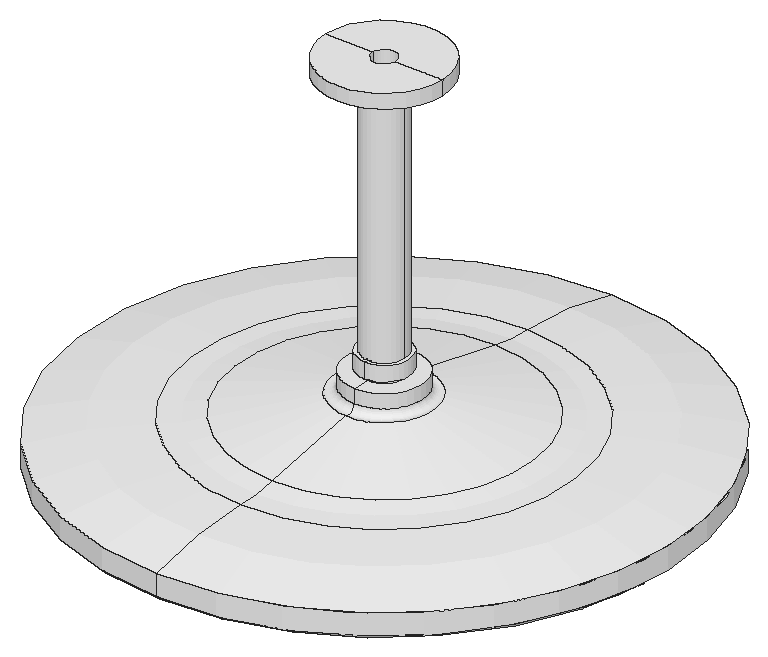
Revit family "Shower_Head-GROHE-26569_Series", category Plumbing Fixtures, Revit 2018
Family settings
  Round Connector Dimension = Use Diameter
  Part Type = Normal
  OmniClass Number = 23.45.05.14.17
  OmniClass Title = Showers
  Work Plane-Based = Yes
  Always vertical = No
  Cut with Voids When Loaded = No
  Shared = Yes
  Room Calculation Point = No
Parameters (values of type "26569000")
  Width = 12 3/16"  # constant formula
  Water Connection Radius = 1/4"  # constant formula
  Water Connection Diameter = 1/2"  # constant formula
  Waste Connection = no
  Warranty Information = "One Year General Product Warranty"  # constant formula
  WFU = 4  # constant formula
  Vent Connection = no
  URL = "https://www.americanstandard-us.com/"
  Showerhead Specification = "Grohe 26569GN0 Rainshower™ Mono 310 Shower Head - 1 Spray. GROHE StarLight. GROHE DreamSpray®. 12\" Face, Recommended Rainshower™ arm: (28 540). 1.75gpm Chrome"
  Revised Date = "05/03/2021"  # constant formula
  Product Page URL = "https://www.grohe.us/Rain-Shower-Heads/310-Mono-Shower-Head-12-Inch-1-Spray-175-gpm/GROHE-CHROME-26569000"
  Product Documentation Link = "https://americanstandard.box.com/shared/static/mak3mz7ka0vnq3yxwkfevrxo5hijf68c.pdf"
  Price = "Prices may vary. Please consult Manufacturer Representative for most up-to-date price list."  # constant formula
  Model = "26569000"
  Material = "Metal-Grohe-000-Starlight  Chrome"
  Manufacturer = "American Standard"  # constant formula
  Length = 12 3/16"  # constant formula
  Installation Type = "Ceiling Mounted"  # constant formula
  Height = 7 3/4"  # constant formula
  HWFU = 3  # constant formula
  HW Connection = yes
  Finish = Metal-Grohe-000-Starlight  Chrome
  Description = "3\" Ceiling Mount Shower Arm"
  Default Elevation = 0"
  Creation Date = "01/25/2018"  # constant formula
  CWFU = 3  # constant formula
  CW Connection = yes
  Assembly Code = "D2010710"
Types (6): name | Showerhead Specification | Product Page URL | Product Documentation Link | Model | Material | Finish
  (no name) | "Grohe 26569GN0 Rainshower™ Mono 310 Shower Head - 1 Spray. GROHE StarLight. GROHE DreamSpray®. 12\" Face, Recommended Rainshower™ arm: (28 540). 1.75gpm Chrome" | "https://www.grohe.us/Rain-Shower-Heads/310-Mono-Shower-Head-12-Inch-1-Spray-175-gpm/GROHE-CHROME-26569000" | "https://americanstandard.box.com/shared/static/mak3mz7ka0vnq3yxwkfevrxo5hijf68c.pdf" | "26569000" | "Metal-Grohe-000-Starlight  Chrome" | Metal-Grohe-000-Starlight  Chrome
  26569GN0 | "Grohe 26569GN0 Rainshower™ Mono 310 Shower Head - 1 Spray. GROHE StarLight. GROHE DreamSpray®. 12\" Face, Recommended Rainshower™ arm: (28 540). 1.75gpm Brushed cool sunrise" | "https://www.grohe.us/Rain-Shower-Heads/310-Mono-Shower-Head-12-Inch-1-Spray-175-gpm/GROHE-BRUSHED-COOL-SUNRISE-26569GN0" | "https://americanstandard.box.com/shared/static/cze34oirrck6ime956giof8ka9duu0gf.pdf" | "26569GN0" | "Metal-Grohe-GN0-Brushed Cool Sunrise" | Metal-Grohe-GN0-Brushed Cool Sunrise
  26569EN0 | "Grohe 26569GN0 Rainshower™ Mono 310 Shower Head - 1 Spray. GROHE StarLight. GROHE DreamSpray®. 12\" Face, Recommended Rainshower™ arm: (28 540). 1.75gpm Brushed Nickel Infinity Finish" | "https://www.grohe.us/Rain-Shower-Heads/310-Mono-Shower-Head-12-Inch-1-Spray-175-gpm/GROHE-BRUSHED-NICKEL-26569EN0" | "https://americanstandard.box.com/shared/static/v1f5wsep2dbwyd8wzzcpvq542p16m5u0.pdf" | "26569EN0" | "Metal-Grohe-EN0-Brushed Nickel Infinity Finish" | Metal-Grohe-EN0-Brushed Nickel Infinity Finish
  26569000 | "Grohe 26569GN0 Rainshower™ Mono 310 Shower Head - 1 Spray. GROHE StarLight. GROHE DreamSpray®. 12\" Face, Recommended Rainshower™ arm: (28 540). 1.75gpm Chrome" | "https://www.grohe.us/Rain-Shower-Heads/310-Mono-Shower-Head-12-Inch-1-Spray-175-gpm/GROHE-CHROME-26569000" | "https://americanstandard.box.com/shared/static/mak3mz7ka0vnq3yxwkfevrxo5hijf68c.pdf" | "26569000" | "Metal-Grohe-000-Starlight  Chrome" | Metal-Grohe-000-Starlight  Chrome
  26569A00 | "Grohe 26569GN0 Rainshower™ Mono 310 Shower Head - 1 Spray. GROHE StarLight. GROHE DreamSpray®. 12\" Face, Recommended Rainshower™ arm: (28 540). 1.75gpm Hard Graphite" | "https://www.grohe.us/Rain-Shower-Heads/310-Mono-Shower-Head-12-Inch-1-Spray-175-gpm/GROHE-HARD-GRAPHITE-26569A00" | "https://americanstandard.box.com/shared/static/mj6u31worzn4llrezwapkw1jj1uav4fr.pdf" | "26569A00" | "Metal-Grohe-A00-Hard Graphite" | Metal-Grohe-A00-Hard Graphite
  26569BE0 | "Grohe 26569GN0 Rainshower™ Mono 310 Shower Head - 1 Spray. GROHE StarLight. GROHE DreamSpray®. 12\" Face, Recommended Rainshower™ arm: (28 540). 1.75gpm Brushed Nickel" | "https://www.grohe.us/Rain-Shower-Heads/310-Mono-Shower-Head-12-Inch-1-Spray-175-gpm/GROHE-POLISHED-NICKEL-26569BE0" | "https://americanstandard.box.com/shared/static/9azkz241w2m7i4filagt1izt4oor5izy.pdf" | "26569BE0" | "Metal-Grohe-BE0-Brushed Nickel Infinity Finish" | Metal-Grohe-BE0-Brushed Nickel Infinity Finish
Reference planes (in)
  plane 1 "Center (Front/Back)": y = 0
  plane 2: z = 0
  plane 3 "Center (Left/Right)": x = 0
  plane 4: x = 1.25
  plane 5: x = -1.25
  plane 6: x = 0.25
  plane 7: x = -0.25
  plane 8: x = 0.4375
  plane 9: x = -0.4375
  plane 10: z = -2.5
  plane 11: z = -4.46373
  plane 12: y = 6.09375
  plane 13: y = -6.09375
  plane 14: x = 6.09375
  plane 15: x = -6.09375
  plane 16: z = -2.33873
  plane 17: z = -7.75
  plane 18: z = -5.625
Forms (in)
  Revolve 1, solid, material "Metal-Grohe-000-Starlight  Chrome" <- "Finish"
    sketch origin (0, 0, 0) x (1, 0, 0) y (0, 0, 1)
      loop
        line (0.25, 0) -> (0.25, -6.125) -> (0.4375, -6.125)
        arc (0.4375, -6.125) -> (0.3875, -6.075) -> (0.4375, -6.025) r 0.05
        arc (0.4375, -6.025) -> (0.3875, -5.975) -> (0.4375, -5.925) r 0.05
        arc (0.4375, -5.925) -> (0.3875, -5.875) -> (0.4375, -5.825) r 0.05
        arc (0.4375, -5.825) -> (0.3875, -5.775) -> (0.4375, -5.725) r 0.05
        arc (0.4375, -5.725) -> (0.3875, -5.675) -> (0.4375, -5.625) r 0.05
        line (0.4375, -5.625) -> (0.4375, -0.3) -> (1.25, -0.3) -> (1.25, 0) -> (0.25, 0)
      axis (0, 0) -> (0, -6.125)
    angle from 0 to 360
  Extrusion 2, solid, material "Metal-Grohe-000-Starlight  Chrome"
    sketch origin (0, -25, 0) x (1, 0, 0) y (0, 1, 0)
      loop
        circle (0, 30.58304) r 0.09677
      loop
        circle (0, 29.755) r 0.09677
      loop
        circle (0, 28.91573) r 0.09677
      loop
        circle (0, 28.08454) r 0.09677
      loop
        circle (0, 27.31084) r 0.09677
      loop
        circle (0, 26.5497) r 0.09677
      loop
        circle (0, 25.81226) r 0.09677
      loop
        circle (0, 19.48864) r 0.09677
      loop
        circle (0, 20.31668) r 0.09677
      loop
        circle (0, 21.15595) r 0.09677
      loop
        circle (0, 21.98715) r 0.09677
      loop
        circle (0, 22.76084) r 0.09677
      loop
        circle (0, 23.52198) r 0.09677
      loop
        circle (0, 24.25943) r 0.09677
      loop
        circle (-5.5472, 25.03584) r 0.09677
      loop
        circle (-4.71916, 25.03584) r 0.09677
      loop
        circle (-3.87989, 25.03584) r 0.09677
      loop
        circle (-3.0487, 25.03584) r 0.09677
      loop
        circle (-2.275, 25.03584) r 0.09677
      loop
        circle (-1.51386, 25.03584) r 0.09677
      loop
        circle (-0.77641, 25.03584) r 0.09677
      loop
        circle (5.5472, 25.03584) r 0.09677
      loop
        circle (4.71916, 25.03584) r 0.09677
      loop
        circle (3.87989, 25.03584) r 0.09677
      loop
        circle (3.0487, 25.03584) r 0.09677
      loop
        circle (2.275, 25.03584) r 0.09677
      loop
        circle (1.51386, 25.03584) r 0.09677
      loop
        circle (0.77641, 25.03584) r 0.09677
      loop
        circle (-3.92246, 21.11338) r 0.09677
      loop
        circle (-3.33695, 21.69889) r 0.09677
      loop
        circle (-2.7435, 22.29234) r 0.09677
      loop
        circle (-2.15575, 22.88009) r 0.09677
      loop
        circle (-1.60867, 23.42717) r 0.09677
      loop
        circle (-1.07046, 23.96538) r 0.09677
      loop
        circle (-0.54901, 24.48683) r 0.09677
      loop
        circle (3.92246, 28.9583) r 0.09677
      loop
        circle (3.33695, 28.37279) r 0.09677
      loop
        circle (2.7435, 27.77934) r 0.09677
      loop
        circle (2.15575, 27.1916) r 0.09677
      loop
        circle (1.60867, 26.64451) r 0.09677
      loop
        circle (1.07046, 26.1063) r 0.09677
      loop
        circle (0.54901, 25.58485) r 0.09677
      loop
        circle (3.92246, 21.11338) r 0.09677
      loop
        circle (3.33695, 21.69889) r 0.09677
      loop
        circle (2.7435, 22.29234) r 0.09677
      loop
        circle (2.15575, 22.88009) r 0.09677
      loop
        circle (1.60867, 23.42717) r 0.09677
      loop
        circle (1.07046, 23.96538) r 0.09677
      loop
        circle (0.54901, 24.48683) r 0.09677
      loop
        circle (-3.92246, 28.9583) r 0.09677
      loop
        circle (-3.33695, 28.37279) r 0.09677
      loop
        circle (-2.7435, 27.77934) r 0.09677
      loop
        circle (-2.15575, 27.1916) r 0.09677
      loop
        circle (-1.60867, 26.64451) r 0.09677
      loop
        circle (-1.07046, 26.1063) r 0.09677
      loop
        circle (-0.54901, 25.58485) r 0.09677
      loop
        circle (1.08142, 30.48843) r 0.09677
      loop
        circle (0.92199, 29.66825) r 0.09677
      loop
        circle (-1.08142, 30.48843) r 0.09677
      loop
        circle (-0.92199, 29.66825) r 0.09677
      loop
        circle (1.08142, 19.58326) r 0.09677
      loop
        circle (0.92199, 20.40343) r 0.09677
      loop
        circle (-1.08142, 19.58326) r 0.09677
      loop
        circle (-0.92199, 20.40343) r 0.09677
      loop
        circle (-5.45259, 26.11726) r 0.09677
      loop
        circle (-4.63241, 25.95783) r 0.09677
      loop
        circle (-5.45259, 23.95442) r 0.09677
      loop
        circle (-4.63241, 24.11385) r 0.09677
      loop
        circle (5.45259, 26.11726) r 0.09677
      loop
        circle (4.63241, 25.95783) r 0.09677
      loop
        circle (5.45259, 23.95442) r 0.09677
      loop
        circle (4.63241, 24.11385) r 0.09677
      loop
        circle (2.62373, 28.95552) r 0.09677
      loop
        circle (3.08176, 29.64488) r 0.09677
      loop
        circle (4.6073, 28.11933) r 0.09677
      loop
        circle (3.91418, 27.65181) r 0.09677
      loop
        circle (-3.06802, 29.64516) r 0.09677
      loop
        circle (-2.60791, 28.95521) r 0.09677
      loop
        circle (-3.91023, 27.65289) r 0.09677
      loop
        circle (-4.60491, 28.12146) r 0.09677
      loop
        circle (-3.91008, 22.42273) r 0.09677
      loop
        circle (-4.60187, 21.95356) r 0.09677
      loop
        circle (-3.07763, 20.42932) r 0.09677
      loop
        circle (-2.6102, 21.12419) r 0.09677
      loop
        circle (1.80468, 20.69242) r 0.09677
      loop
        circle (2.11579, 19.92238) r 0.09677
      loop
        circle (3.08315, 20.43674) r 0.09677
      loop
        circle (2.60478, 21.11992) r 0.09677
      loop
        circle (3.9104, 22.42555) r 0.09677
      loop
        circle (4.60406, 21.95945) r 0.09677
      loop
        circle (-2.13436, 30.14631) r 0.09677
      loop
        circle (-1.81075, 29.38393) r 0.09677
      loop
        circle (-1.48296, 28.61172) r 0.09677
      loop
        circle (-1.16204, 27.85567) r 0.09677
      loop
        circle (-0.87427, 27.1509) r 0.09677
      loop
        circle (2.13436, 30.14631) r 0.09677
      loop
        circle (1.81075, 29.38393) r 0.09677
      loop
        circle (1.48296, 28.61172) r 0.09677
      loop
        circle (1.16204, 27.85567) r 0.09677
      loop
        circle (0.87427, 27.1509) r 0.09677
      loop
        circle (-2.13436, 19.92538) r 0.09677
      loop
        circle (-1.81075, 20.68775) r 0.09677
      loop
        circle (-1.48296, 21.45997) r 0.09677
      loop
        circle (-1.16204, 22.21601) r 0.09677
      loop
        circle (-0.87427, 22.92078) r 0.09677
      loop
        circle (1.48296, 21.45997) r 0.09677
      loop
        circle (1.16204, 22.21601) r 0.09677
      loop
        circle (0.87427, 22.92078) r 0.09677
      loop
        circle (-2.09445, 25.90415) r 0.09677
      loop
        circle (-2.80954, 26.20768) r 0.09677
      loop
        circle (-3.579, 26.51857) r 0.09677
      loop
        circle (-4.34888, 26.84536) r 0.09677
      loop
        circle (-5.11722, 27.1715) r 0.09677
      loop
        circle (2.10757, 25.91301) r 0.09677
      loop
        circle (2.82362, 26.20232) r 0.09677
      loop
        circle (3.5842, 26.52516) r 0.09677
      loop
        circle (4.34955, 26.8422) r 0.09677
      loop
        circle (5.12265, 27.15923) r 0.09677
      loop
        circle (-2.09445, 24.16753) r 0.09677
      loop
        circle (-2.80954, 23.864) r 0.09677
      loop
        circle (-3.579, 23.55312) r 0.09677
      loop
        circle (-4.34888, 23.22632) r 0.09677
      loop
        circle (-5.11722, 22.90018) r 0.09677
      loop
        circle (2.10757, 24.15867) r 0.09677
      loop
        circle (2.82362, 23.86937) r 0.09677
      loop
        circle (3.5842, 23.54652) r 0.09677
      loop
        circle (4.34955, 23.22949) r 0.09677
      loop
        circle (5.12265, 22.91245) r 0.09677
    from -7.82159 to -7.68602
  Revolve 3, solid, material "Metal-Grohe-000-Starlight  Chrome" <- "Finish"
    sketch origin (0, 14.9375, -3.72377) x (0, 0, 1) y (0, -1, 0)
      loop
        line (-1.90123, 14.9375) -> (-4.02623, 14.9375) -> (-4.02623, 8.92) -> (-3.96225, 8.84375) -> (-3.51298, 8.84375)
        arc (-3.51298, 8.84375) -> (-3.2647, 9.96492) -> (-3.19232, 11.11096) r 7.42319
        arc (-3.19232, 11.11096) -> (-3.17262, 11.53928) -> (-3.10077, 11.96199) r 3.50489
        arc (-3.10077, 11.96199) -> (-2.86134, 12.92595) -> (-2.70782, 13.90726) r 11.25805
        arc (-2.70782, 13.90726) -> (-2.70364, 14.06069) -> (-2.57002, 14.13623) r 0.15594
        line (-2.57002, 14.13623) -> (-2.28106, 14.13623) -> (-2.28106, 14.49228) -> (-2.21719, 14.49228) -> (-2.21719, 14.41602) -> (-1.90123, 14.41602) -> (-1.90123, 14.9375)
      axis (-1.90123, 14.9375) -> (-4.02623, 14.9375)
    angle from 0 to 360
Lines and regions (in)
  Masking region 1
    outline origin (0, 0, 0) x (1, 0, 0) y (0, 1, 0)
      loop
        circle (0, 0) r 6.09375
  symbolic lines, detail levels medium+fine
    curve 1: circle (0, 0, 0) r 2.97551 normal (0, 0, -1)
  symbolic lines, detail levels fine
    curve 2: circle (0, 0, 0) r 1.25 normal (0, 0, 1)
    curve 3: circle (0, 0, 0) r 0.25 normal (0, 0, 1)
Dimensions and locks (in)
  plane 12 to plane 13 = 12 3/16"
  "Height": plane 17 to level
  "Width": plane 15 to plane 14
  "Length": plane 13 to plane 12
  aligned and locked: curve 1 to Revolve 3
  aligned and locked: curve 2 to Revolve 1
  aligned and locked: curve 3 to Revolve 1
Automatic sketch dimensions
  Revolve 1 sketch curve to plane 3 "Center (Left/Right)" = 0"
  Revolve 1 sketch curve to level = 0"
  Revolve 1 sketch curve to plane 6 = 0"
  Revolve 1 sketch curve to plane 8 = 0"  (x5)
  Revolve 1 sketch curve to plane 4 = 0"
  Revolve 1 sketch curve to plane 18 = 0"
  Revolve 1 sketch curve to plane 18 = 0.05"
  Revolve 1 sketch curve to Revolve 1 sketch curve = 0.05"  (x2)
  Revolve 1 sketch curve to Revolve 1 sketch curve = 0.1"  (x3)
  Revolve 1 sketch curve to level = 0.3"
  Revolve 1 sketch curve to Revolve 1 sketch curve = 0"  (x3)
  level to Revolve 1 sketch curve = 0.33886"
  Revolve 1 sketch curve to Revolve 1 sketch curve = 0.41114"
  Extrusion 2 sketch curve to plane 3 "Center (Left/Right)" = 0"  (x14)
  Extrusion 2 sketch curve to plane 9 = 0.11151"  (x2)
  Extrusion 2 sketch curve to plane 1 "Center (Front/Back)" = 0.03584"  (x14)
  Extrusion 2 sketch curve to plane 9 = 0.33891"
  plane 5 to Extrusion 2 sketch curve = 0.37573"  (x2)
  plane 5 to Extrusion 2 sketch curve = 0.32801"  (x2)
  plane 5 to Extrusion 2 sketch curve = 0.17954"  (x2)
  plane 5 to Extrusion 2 sketch curve = 0.16858"  (x2)
  plane 5 to Extrusion 2 sketch curve = 0.08796"  (x2)
  Extrusion 2 sketch curve to plane 5 = 0.23296"  (x2)
  Extrusion 2 sketch curve to plane 5 = 0.26386"
  Extrusion 2 sketch curve to plane 5 = 0.35867"  (x2)
  Extrusion 2 sketch curve to plane 5 = 0.56075"  (x2)
  Extrusion 2 sketch curve to plane 5 = 0.84445"  (x2)
  Extrusion 2 sketch curve to Extrusion 2 sketch curve = 0.32361"  (x3)
  Extrusion 2 sketch curve to Extrusion 2 sketch curve = 0.54709"  (x8)
  Extrusion 2 sketch curve to Extrusion 2 sketch curve = 0.76114"  (x4)
  Extrusion 2 sketch curve to Extrusion 2 sketch curve = 0.79717"
  Extrusion 2 sketch curve to Extrusion 2 sketch curve = 0.79945"
  Extrusion 2 sketch curve to Extrusion 2 sketch curve = 0.58774"  (x8)
  Extrusion 2 sketch curve to Extrusion 2 sketch curve = 0.71509"  (x2)
  Extrusion 2 sketch curve to Extrusion 2 sketch curve = 0.7737"  (x4)
  Extrusion 2 sketch curve to Extrusion 2 sketch curve = 0.46011"
  Extrusion 2 sketch curve to Extrusion 2 sketch curve = 0.46743"
  Extrusion 2 sketch curve to Extrusion 2 sketch curve = 0.59345"  (x8)
  Extrusion 2 sketch curve to Extrusion 2 sketch curve = 0.76946"  (x2)
  Extrusion 2 sketch curve to Extrusion 2 sketch curve = 0.8312"  (x4)
  Extrusion 2 sketch curve to Extrusion 2 sketch curve = 0.57313"
  Extrusion 2 sketch curve to Extrusion 2 sketch curve = 0.57328"
  Extrusion 2 sketch curve to Extrusion 2 sketch curve = 0.58551"  (x8)
  Extrusion 2 sketch curve to Extrusion 2 sketch curve = 0.76988"  (x2)
  Extrusion 2 sketch curve to Extrusion 2 sketch curve = 0.6918"
  Extrusion 2 sketch curve to Extrusion 2 sketch curve = 0.69468"
  Extrusion 2 sketch curve to Extrusion 2 sketch curve = 0.28353"  (x2)
  Extrusion 2 sketch curve to Extrusion 2 sketch curve = 0.83927"  (x4)
  Extrusion 2 sketch curve to Extrusion 2 sketch curve = 0.76834"  (x2)
  plane 15 to Extrusion 2 sketch curve = 0.64116"  (x2)
  plane 15 to Extrusion 2 sketch curve = 0.54655"
  plane 8 to Extrusion 2 sketch curve = 0.11151"  (x2)
  plane 8 to Extrusion 2 sketch curve = 0.33891"
  Extrusion 2 sketch curve to plane 4 = 0.37573"  (x2)
  Extrusion 2 sketch curve to plane 4 = 0.32801"  (x2)
  Extrusion 2 sketch curve to plane 4 = 0.17954"  (x2)
  Extrusion 2 sketch curve to plane 4 = 0.16858"  (x2)
  Extrusion 2 sketch curve to plane 4 = 0.08796"  (x2)
  plane 4 to Extrusion 2 sketch curve = 0.23296"  (x2)
  plane 4 to Extrusion 2 sketch curve = 0.26386"
  plane 4 to Extrusion 2 sketch curve = 0.35867"  (x2)
  plane 4 to Extrusion 2 sketch curve = 71/128"
  plane 4 to Extrusion 2 sketch curve = 0.56075"
  plane 4 to Extrusion 2 sketch curve = 0.85757"  (x2)
  Extrusion 2 sketch curve to Extrusion 2 sketch curve = 0.31112"
  Extrusion 2 sketch curve to Extrusion 2 sketch curve = 0.8001"
  Extrusion 2 sketch curve to Extrusion 2 sketch curve = 0.81298"
  Extrusion 2 sketch curve to Extrusion 2 sketch curve = 0.71605"  (x2)
  Extrusion 2 sketch curve to Extrusion 2 sketch curve = 0.45802"
  Extrusion 2 sketch curve to Extrusion 2 sketch curve = 0.47837"
  Extrusion 2 sketch curve to Extrusion 2 sketch curve = 0.76058"  (x2)
  Extrusion 2 sketch curve to Extrusion 2 sketch curve = 0.57345"
  Extrusion 2 sketch curve to Extrusion 2 sketch curve = 0.57723"
  Extrusion 2 sketch curve to Extrusion 2 sketch curve = 0.76535"  (x2)
  Extrusion 2 sketch curve to Extrusion 2 sketch curve = 0.69366"
  Extrusion 2 sketch curve to Extrusion 2 sketch curve = 0.69313"
  Extrusion 2 sketch curve to Extrusion 2 sketch curve = 0.28287"  (x2)
  Extrusion 2 sketch curve to Extrusion 2 sketch curve = 0.77311"  (x2)
  Extrusion 2 sketch curve to plane 14 = 0.64116"  (x2)
  Extrusion 2 sketch curve to plane 14 = 0.54655"
  plane 1 "Center (Front/Back)" to Extrusion 2 sketch curve = 0.51317"  (x2)
  Extrusion 2 sketch curve to Extrusion 2 sketch curve = 0.22741"  (x2)
  plane 1 "Center (Front/Back)" to Extrusion 2 sketch curve = 0.83247"
  plane 1 "Center (Front/Back)" to Extrusion 2 sketch curve = 0.84133"
  plane 1 "Center (Front/Back)" to Extrusion 2 sketch curve = 0.88615"  (x2)
  Extrusion 2 sketch curve to Extrusion 2 sketch curve = 0.52145"  (x4)
  Extrusion 2 sketch curve to Extrusion 2 sketch curve = 0.15943"  (x4)
  Extrusion 2 sketch curve to Extrusion 2 sketch curve = 0.2893"  (x2)
  Extrusion 2 sketch curve to Extrusion 2 sketch curve = 0.30354"  (x2)
  Extrusion 2 sketch curve to Extrusion 2 sketch curve = 0.31088"  (x2)
  Extrusion 2 sketch curve to Extrusion 2 sketch curve = 0.32285"  (x2)
  Extrusion 2 sketch curve to Extrusion 2 sketch curve = 0.73745"  (x2)
  Extrusion 2 sketch curve to Extrusion 2 sketch curve = 0.53821"  (x4)
  Extrusion 2 sketch curve to Extrusion 2 sketch curve = 0.31703"  (x4)
  Extrusion 2 sketch curve to Extrusion 2 sketch curve = 0.3268"  (x2)
  Extrusion 2 sketch curve to Extrusion 2 sketch curve = 0.50639"  (x4)
  Extrusion 2 sketch curve to Extrusion 2 sketch curve = 0.32614"  (x2)
  Extrusion 2 sketch curve to Extrusion 2 sketch curve = 0.80394"
  Extrusion 2 sketch curve to Extrusion 2 sketch curve = 0.80359"
  Extrusion 2 sketch curve to Extrusion 2 sketch curve = 0.70477"  (x4)
  Extrusion 2 sketch curve to Extrusion 2 sketch curve = 0.46609"
  Extrusion 2 sketch curve to Extrusion 2 sketch curve = 0.46917"
  Extrusion 2 sketch curve to Extrusion 2 sketch curve = 0.75605"  (x4)
  Extrusion 2 sketch curve to Extrusion 2 sketch curve = 0.5747"
  Extrusion 2 sketch curve to Extrusion 2 sketch curve = 0.57897"
  Extrusion 2 sketch curve to Extrusion 2 sketch curve = 0.76754"
  Extrusion 2 sketch curve to Extrusion 2 sketch curve = 0.77221"  (x3)
  Extrusion 2 sketch curve to Extrusion 2 sketch curve = 0.68318"
  Extrusion 2 sketch curve to Extrusion 2 sketch curve = 0.69488"
  Extrusion 2 sketch curve to Extrusion 2 sketch curve = 0.28432"  (x3)
  Extrusion 2 sketch curve to Extrusion 2 sketch curve = 0.28899"
  Extrusion 2 sketch curve to Extrusion 2 sketch curve = 0.76238"  (x3)
  Extrusion 2 sketch curve to Extrusion 2 sketch curve = 0.77004"
  Extrusion 2 sketch curve to plane 13 = 0.67701"  (x2)
  Extrusion 2 sketch curve to plane 13 = 0.58239"
  Extrusion 2 sketch curve to plane 1 "Center (Front/Back)" = 0.58485"  (x2)
  Extrusion 2 sketch curve to Extrusion 2 sketch curve = 0.86831"
  Extrusion 2 sketch curve to Extrusion 2 sketch curve = 0.87717"
  Extrusion 2 sketch curve to Extrusion 2 sketch curve = 0.92199"  (x2)
  Extrusion 2 sketch curve to Extrusion 2 sketch curve = 0.80962"
  Extrusion 2 sketch curve to Extrusion 2 sketch curve = 0.80753"
  Extrusion 2 sketch curve to Extrusion 2 sketch curve = 0.46752"
  Extrusion 2 sketch curve to Extrusion 2 sketch curve = 0.46857"
  Extrusion 2 sketch curve to Extrusion 2 sketch curve = 0.58242"
  Extrusion 2 sketch curve to Extrusion 2 sketch curve = 0.58273"
  Extrusion 2 sketch curve to Extrusion 2 sketch curve = 0.68936"
  Extrusion 2 sketch curve to Extrusion 2 sketch curve = 0.68996"
  plane 12 to Extrusion 2 sketch curve = 0.60532"  (x2)
  plane 12 to Extrusion 2 sketch curve = 0.51071"
  Revolve 3 sketch curve to plane 1 "Center (Front/Back)" = 0"  (x2)
  Revolve 3 sketch curve to plane 17 = 0"
  Revolve 3 sketch curve to plane 12 = 0"
  Revolve 3 sketch curve to plane 18 = 0"
  Revolve 3 sketch curve to plane 17 = 6.58852"
  plane 1 "Center (Front/Back)" to Revolve 3 sketch curve = 0.21758"
  Revolve 3 sketch curve to Revolve 3 sketch curve = 3.28176"
  plane 17 to Revolve 3 sketch curve = 0.06398"
  Revolve 3 sketch curve to Revolve 3 sketch curve = 0.44928"
  Revolve 3 sketch curve to plane 18 = 0.66879"
  Revolve 3 sketch curve to plane 18 = 0.37982"
  Revolve 3 sketch curve to Revolve 3 sketch curve = 0.06387"
  plane 11 to Revolve 3 sketch curve = 1.05212"
  plane 12 to Revolve 3 sketch curve = 0.07625"
  plane 12 to Revolve 3 sketch curve = 2.16071"
  plane 12 to Revolve 3 sketch curve = 2.32064"
  Revolve 3 sketch curve to plane 1 "Center (Front/Back)" = 0.95722"
  Revolve 3 sketch curve to Revolve 3 sketch curve = 0.15594"
  Revolve 3 sketch curve to Revolve 3 sketch curve = 0.2798"
  Revolve 3 sketch curve to Revolve 3 sketch curve = 0.07625"
  Revolve 3 sketch curve to plane 17 = 3/4"
  Revolve 3 sketch curve to Revolve 3 sketch curve = 0.45923"
  plane 17 to Revolve 3 sketch curve = 0.83391"
  Revolve 3 sketch curve to Revolve 3 sketch curve = 0.09155"
  plane 1 "Center (Front/Back)" to Masking region 1 sketch curve = 0"
  Masking region 1 sketch curve to plane 3 "Center (Left/Right)" = 0"
  radius of Extrusion 2 sketch curve = 0.09677"  (x128)
  radius of Masking region 1 sketch curve = 6 3/32"
Connectors (in)
  piping at (0, 0, 0), diameter 0.5, driven by "Water Connection Diameter"
    settings: on Revolve 1, index 1, connector inside diameter 24", connector length 0", flow factor 0, pipe flow 0 GPM, pressure drop 0.00 psi, fitting loss kfactor 0, connector angle 0.00°, fixture units 0, engagement length 0", angle of deflection 0.00°, flow configuration 0, flow direction 1, fitting loss method 0, system type 29, joint type 0, gender type 0, connector reference index -1, connector utility 0, adjustable connector no, is connector primary yes, connector description "1/2\" NPT Supply Inlet"
